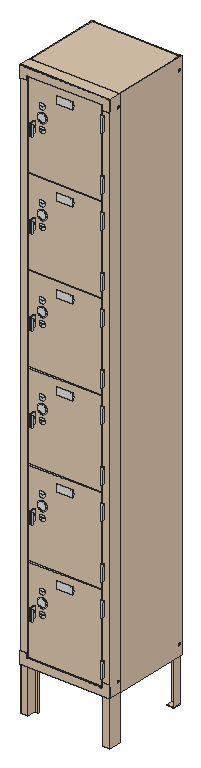
Revit family "Metal_Vented_Lockers-Salsbury_Industries-75000_76000_Series-1_Wide_Units", category Specialty Equipment, Revit 2022
Family settings
  Round Connector Dimension = Use Diameter
  Part Type = Normal
  OmniClass Number = 23.40.00.00
  OmniClass Title = Equipment and Furnishings
  Work Plane-Based = No
  Always vertical = Yes
  Cut with Voids When Loaded = No
  Maintain Annotation Orientation = No
  Shared = No
  Room Calculation Point = No
Parameters (values of type "76162 - with Standard 6" High Legs")
  Zee Base Corner - Right Side [instance] = Metal Locker Zee Base Corner : None
  Zee Base Corner - Left Side [instance] = Metal Locker Zee Base Corner : None
  Zee Base - Right Side [instance] = Metal Locker Zee Base-Right Side : None
  Zee Base - Left Side [instance] = Metal Locker Zee Base-Left Side : None
  Zee Base = Metal Locker Zee Base : None
  Width = 12.040"
  Version = "2.0 (01/30/18)"
  Vent Offset = if(Depth = 12.010", 3.250", if(Depth = 15.010", 3.500", if(Depth = 18.010", 3.750", 0.000")))  # 3.250"
  Vent Configuration Height = Vents : 6 foot high vents
  Vent Array Spacing = 1.187"
  Vent Array 2 = if(Depth = 12.010", 5, if(Depth = 15.010", 7, if(Depth = 18.010", 9, 0)))  # 5
  Vent Array 1 = Vent Array 2 + 1  # 6
  Unit Height including Sloping Hood Only [instance] = 78.625"
  Unit Height = 72.000"
  URL = "www.lockers.com"
  Type Comments = "12\" Wide Vented Metal Locker - Box Style Six Tier"
  Total Door(s) Height [instance] = 69.81949"
  Top Door = yes
  Top Compartment Divider = yes
  Test Data = "https://www.lockers.com/videolibrary/"
  Specification = "https://www.lockers.com/architect-resources//"
  Sloping Top In-Line Filler - Right Side [instance] = Metal Locker Sloping Top Filler : None
  Sloping Top In-Line Filler - Left Side [instance] = Metal Locker Sloping Top Filler : None
  Sloping Top Corner Filler - Right Side [instance] = Metal Locker Sloping Corner Filler : None
  Sloping Top Corner Filler - Left Side [instance] = Metal Locker Sloping Corner Filler : None
  Sloping Hood Height = if(Depth = 12.010", 6.625", if(Depth = 15.010", 8.682", if(Depth = 18.010", 10.739", 0.000")))  # 6.625"
  Sloping Hood [instance] = Metal Locker Sloping Hood : None
  Sales Information = "https://www.lockers.com/request_a_quote/"
  Right Side Base [instance] = Metal Locker Right Side Base : None
  Revision = "R1_2018-10"
  Product Data = "https://www.lockers.com/downloads__catalog/"
  Primary Structure Material [instance] = Steel - Salsbury Finish = Tan
  Overall Width including Rivets [instance] = 12.120"
  Unit Height including Base Only [instance] = 78.000"
  Overall Unit Height (including Base and Sloping Hood) [instance] = 84.625"
  OmniClass 23 Title = "Equipment and Furnishings"
  OmniClass 23 Number = "23.40.00.00"
  Model = "76162"
  MasterFormat Title = "Lockers"
  MasterFormat Number = "10 51 13"
  Manufacturer Website = "https://www.lockers.com/"
  Manufacturer Phone - Toll Free = "1-800-562-5377"
  Manufacturer Phone = "(323) 846-6700"
  Manufacturer Fax = "1-800-562-5399"
  Manufacturer Address = "1010 East 62nd Street, Los Angeles, CA 90001-1598"
  Manufacturer = "Salsbury Industries"
  Left Side Base [instance] = Metal Locker Left Side Base : None
  Keynote = "10 51 00"
  Installation-Fabrication = "https://www.lockers.com/downloads__installation_instructions/"
  Individual Door Height = 11.534"
  Hasp Plate Rivet Material = Steel -Salsbury Finish =  Polished Steel
  Hasp Handle Material = Plastic - Salsbury Finish - Black
  Green Building-LEED = "https://www.arcat.com/green/green_building.shtml"
  Front Vertical Filler - Right [instance] = Metal Locker Front Filler : None
  Front Vertical Filler - Left [instance] = Metal Locker Front Filler : None
  Front Base [instance] = Metal Locker Front Base : None
  Flat Top In-Line Filler - Right Side [instance] = Metal Locker Flat Top Filler : None
  Flat Top In-Line Filler - Left Side [instance] = Metal Locker Flat Top Filler : None
  Flat Top Corner Filler - Right Side [instance] = Metal Locker Flat Corner Filler : None
  Flat Top Corner Filler - Left Side [instance] = Metal Locker Flat Corner Filler : None
  Individual Door Width [instance] = 9.90055"
  End Panel - Right Side [instance] = Metal Locker End Panel : None
  End Panel - Left Side [instance] = Metal Locker End Panel : None
  Drawn By = ""
  Door Location D1 = Vented Metal Locker Doors-12 inch with Latch Hasps : Six Tier Door - 6 foot
  Description = "1 Wide - 6 Feet High - 12 Inches Deep"
  Depth = 12.010"
  Default Elevation = 0.000"
  Copyright = ""
  Construction Details = "https://www.lockers.com/downloads__catalog/"
  Compartment Divider Height = Individual Door Height - 0.375"  # 11.159"
  Category = ""
  Building Codes = "https://www.lockers.com/downloads__forms_and_information/"
  Base Height = 6.000"
  Standard Leg Base = Metal Locker Legs : 6" High - 12" W x 12" D
  Assembly Code = "C1030310"
Reference planes (in)
  plane 1 "Center (Front/Back)": y = 0
  plane 2: z = 0
  plane 3 "Center (Left/Right)": x = 0
  plane 4 "Floor": z = 0
  plane 5 "Bottom of Unit": z = 6
  plane 6 "Top of Unit": z = 78
  plane 7 "Left Side of Unit": x = -6.02
  plane 8 "Right Side of Unit": x = 6.02
  plane 9 "Back of Unit": y = 6.005
  plane 10 "Front of Unit": y = -6.005
  plane 11 "Top of Sloping Hood": z = 84.625
  plane 12 "Left Rivet": x = -6.06
  plane 13 "Right Rivet": x = 6.06
  plane 14 "Right Side of Door Opening": x = 5.02
  plane 15 "Left Side of Door Opening": x = -5.02
  plane 16 "Top of Door Opening": z = 77
  plane 17 "Bottom of Door Opening": z = 7
  plane 18 "Back Edge of Front Facing": y = -4.417
  plane 19 "Front Plate Plane": y = -6.065
  plane 20 "Horizontal Center of Top Rivets": z = 76.5
  plane 21 "Horiz Center of Bottom Rivets": z = 7.5
  plane 22 "Vertical Center of Back Rivets": y = 5.505
  plane 23 "Vertical Center of Front Rivets": y = -4.755
  plane 24 "Right Align Top Filler Overlap": x = 5.435
  plane 25 "Left Align Top Filler Overlap": x = -5.435
  plane 26 "Corner Filler Align-Left": x = -6.08
  plane 27 "Corner Filler Align-Right": x = 6.08
  plane 28 "Left Side of Door": x = -4.95029
  plane 29 "Right Side of Door": x = 4.95026
  plane 30 "Top of Door 1": z = 76.90976
  plane 31 "Bottom of Bottom Door": z = 7.09027
  plane 32 "Zee Base Offset": x = -5.669
  plane 33: x = 5.669
  plane 34 "Compartment Align 3": z = 19.159
  plane 35: x = -5.96
  plane 36: x = 5.96
  plane 37: x = -5.635
  plane 38: x = 5.635
  plane 39: y = 5.945
  plane 40: y = 5.895
  plane 41: y = 5.145
  plane 42: x = -5.9
  plane 43: x = 5.9
  plane 44: x = -5.095
  plane 45: x = 5.095
  plane 46: z = 77.94
  plane 47: z = 19.099
  plane 48: z = 18.159
  plane 49: z = 6.9204
  plane 50: z = 6.18539
  plane 51: z = 76.40796
  plane 52: z = 7.59204
  plane 53: z = 18.159
  plane 54: z = 18.62427
  plane 55: z = 18.74976
  plane 56: z = 30.28376
  plane 57: z = 30.40876
  plane 58: z = 29.78327
  plane 59: z = 30.72327
  plane 60 "Compartment Align 2": z = 30.78327
  plane 61: z = 53.72076
  plane 62: z = 41.94276
  plane 63: z = 42.06776
  plane 64: z = 41.44276
  plane 65: z = 42.38276
  plane 66 "Compartment Align 1": z = 42.44276
  plane 67: z = 71.20625
  plane 68: z = 53.60176
  plane 69: z = 53.72676
  plane 70: z = 65.26076
  plane 71: z = 65.38576
  plane 72: z = 53.10176
  plane 73: z = 54.04176
  plane 74: z = 54.10176
  plane 75: z = 64.76076
  plane 76: z = 65.70076
  plane 77: z = 65.76076
  plane 78: z = 82.86525
  plane 79: z = 94.52425
  plane 80 "Front Vent Align": y = -2.755
  plane 81: y = -2.385
  plane 82: y = -1.791
  plane 83 "Top Vent Align": z = 73.562
  plane 84: z = 72.81
  plane 85: z = 71.97
Forms (in)
  Sweep 1, solid, material "Steel - Salsbury Finish = Tan" <- "Primary Structure Material"
    path origin (0, -6.005, 0) x (1, 0, 0) y (0, 0, 1)
      loop
        line (-6.02, 78) -> (-6.02, 6) -> (6.02, 6) -> (6.02, 78) -> (-6.02, 78)
    profile origin (0, -6.005, 78) x (0, 0, 1) y (0, -1, 0)
      loop
        line (0, 0) -> (-1, 0) -> (-1, -1.588) -> (0, -1.588) -> (0, 0)
  Extrusion 2, solid, material "Steel - Salsbury Finish = Tan" <- "Primary Structure Material"
    sketch origin (0, 0, 6) x (0, -1, 0) y (1, 0, 0)
      loop
        line (4.417, 6.02) -> (-6.005, 6.02) -> (-6.005, 5.635) -> (-5.945, 5.635) -> (-5.945, 5.96) -> (4.417, 5.96) -> (4.417, 6.02)
    from 0 to 72
  Extrusion 3, solid, material "Steel - Salsbury Finish = Tan" <- "Primary Structure Material"
    sketch origin (0, 0, 6) x (0, -1, 0) y (1, 0, 0)
      loop
        line (4.417, -6.02) -> (4.417, -5.96) -> (-5.945, -5.96) -> (-5.945, -5.635) -> (-6.005, -5.635) -> (-6.005, -6.02) -> (4.417, -6.02)
    from 0 to 72
  Extrusion 4, solid, material "Steel - Salsbury Finish = Tan" <- "Primary Structure Material"
    sketch origin (0, 0, 6) x (0, -1, 0) y (1, 0, 0)
      loop
        line (-5.945, -5.96) -> (-5.145, -5.96) -> (-5.145, -5.9) -> (-5.895, -5.9) -> (-5.895, 5.9) -> (-5.145, 5.9) -> (-5.145, 5.96) -> (-5.945, 5.96) -> (-5.945, -5.96)
    from 0 to 72
  Sweep 5, solid, material "Steel - Salsbury Finish = Tan" <- "Primary Structure Material"
    path origin (0, 0, 7) x (0, -1, 0) y (1, 0, 0)
      loop
        line (4.417, -5.96) -> (4.417, 5.96) -> (-5.145, 5.96) -> (-5.145, 5.9) -> (-5.895, 5.9) -> (-5.895, -5.9) -> (-5.145, -5.9) -> (-5.145, -5.96) -> (4.417, -5.96)
    profile origin (-5.96, 0.364, 7) x (-1, 0, 0) y (0, 0, 1)
      loop
        line (0, -0.81461) -> (0, -0.0796) -> (-0.06, -0.0796) -> (-0.06, -0.81461) -> (0, -0.81461)
  Extrusion 6, solid, material "Steel - Salsbury Finish = Tan" <- "Primary Structure Material"
    sketch origin (0, 0, 7) x (0, -1, 0) y (1, 0, 0)
      loop
        line (-5.895, -5.9) -> (-5.145, -5.9) -> (-5.145, -5.96) -> (4.417, -5.96) -> (4.417, 5.96) -> (-5.145, 5.96) -> (-5.145, 5.9) -> (-5.895, 5.9) -> (-5.895, -5.9)
    from -0.0796 to 0
  Extrusion 7, solid, material "Steel - Salsbury Finish = Tan" <- "Primary Structure Material"
    sketch origin (0, 0, 78) x (0, -1, 0) y (1, 0, 0)
      loop
        line (-5.895, -5.9) -> (-5.145, -5.9) -> (-5.145, -5.96) -> (4.417, -5.96) -> (4.417, 5.96) -> (-5.145, 5.96) -> (-5.145, 5.9) -> (-5.895, 5.9) -> (-5.895, -5.9)
    from -0.06 to 0
  Extrusion 8, solid, material "Steel - Salsbury Finish = Tan" <- "Primary Structure Material"
    sketch origin (0, -6.065, 0) x (0, 0, -1) y (1, 0, 0)
      loop
        line (-78, -6.02) -> (-76.47656, -6.02)
        arc (-76.47656, -6.02) -> (-76.42806, -5.99991) -> (-76.40796, -5.9514) r 0.0686
        line (-76.40796, -5.9514) -> (-76.40796, -5.16351)
        arc (-76.40796, -5.16351) -> (-76.42809, -5.11506) -> (-76.47656, -5.095) r 0.0686
        line (-76.47656, -5.095) -> (-77, -5.095) -> (-77, 5.095) -> (-76.47656, 5.095)
        arc (-76.47656, 5.095) -> (-76.42809, 5.11506) -> (-76.40796, 5.16351) r 0.0686
        line (-76.40796, 5.16351) -> (-76.40796, 5.9514)
        arc (-76.40796, 5.9514) -> (-76.42806, 5.99991) -> (-76.47656, 6.02) r 0.0686
        line (-76.47656, 6.02) -> (-78, 6.02) -> (-78, -6.02)
    from -0.06 to 0
  Extrusion 9, solid, material "Steel - Salsbury Finish = Tan" <- "Primary Structure Material"
    sketch origin (0, -6.065, 84) x (0, 0, 1) y (-1, 0, 0)
      loop
        line (-78, 6.02) -> (-78, -6.02) -> (-76.47656, -6.02)
        arc (-76.47656, -6.02) -> (-76.42806, -5.99991) -> (-76.40796, -5.9514) r 0.0686
        line (-76.40796, -5.9514) -> (-76.40796, -5.16351)
        arc (-76.40796, -5.16351) -> (-76.42809, -5.11506) -> (-76.47656, -5.095) r 0.0686
        line (-76.47656, -5.095) -> (-77, -5.095) -> (-77, 5.095) -> (-76.47656, 5.095)
        arc (-76.47656, 5.095) -> (-76.42809, 5.11506) -> (-76.40796, 5.16351) r 0.0686
        line (-76.40796, 5.16351) -> (-76.40796, 5.9514)
        arc (-76.40796, 5.9514) -> (-76.42806, 5.99991) -> (-76.47656, 6.02) r 0.0686
        line (-76.47656, 6.02) -> (-78, 6.02)
    from -0.06 to 0
  Blend 10, solid, material "Steel -Salsbury Finish =  Polished Steel" <- "Hasp Plate Rivet Material"
    base sketch origin (6.02, 0, 0) x (0, 0, -1) y (0, -1, 0)
      loop
        circle (-76.5, 4.755) r 0.187
    top sketch origin (6.02, 0, 0) x (0, 0, -1) y (0, -1, 0)
      loop
        circle (-76.5, 4.755) r 0.05319
    from 0 to -0.04
  Blend 11, solid, material "Steel -Salsbury Finish =  Polished Steel" <- "Hasp Plate Rivet Material"
    base sketch origin (6.02, 0, -69) x (0, 0, -1) y (0, -1, 0)
      loop
        circle (-76.5, 4.755) r 0.187
    top sketch origin (6.02, 0, -69) x (0, 0, -1) y (0, -1, 0)
      loop
        circle (-76.5, 4.755) r 0.05319
    from 0 to -0.04
  Blend 12, solid, material "Steel -Salsbury Finish =  Polished Steel" <- "Hasp Plate Rivet Material"
    base sketch origin (6.02, 10.26, -69) x (0, 0, -1) y (0, -1, 0)
      loop
        circle (-76.5, 4.755) r 0.187
    top sketch origin (6.02, 10.26, -69) x (0, 0, -1) y (0, -1, 0)
      loop
        circle (-76.5, 4.755) r 0.05319
    from 0 to -0.04
  Blend 13, solid, material "Steel -Salsbury Finish =  Polished Steel" <- "Hasp Plate Rivet Material"
    base sketch origin (6.02, 10.26, 0.0043) x (0, 0, -1) y (0, -1, 0)
      loop
        circle (-76.5, 4.755) r 0.187
    top sketch origin (6.02, 10.26, 0.0043) x (0, 0, -1) y (0, -1, 0)
      loop
        circle (-76.5, 4.755) r 0.05319
    from 0 to -0.04
  Blend 14, solid, material "Steel -Salsbury Finish =  Polished Steel" <- "Hasp Plate Rivet Material"
    base sketch origin (-6.02, 0, -69) x (0, 0, -1) y (0, 1, 0)
      loop
        circle (-76.5, -4.755) r 0.187
    top sketch origin (-6.02, 0, -69) x (0, 0, -1) y (0, 1, 0)
      loop
        circle (-76.5, -4.755) r 0.05319
    from 0 to -0.04
  Blend 15, solid, material "Steel -Salsbury Finish =  Polished Steel" <- "Hasp Plate Rivet Material"
    base sketch origin (-6.02, 10.26, -69) x (0, 0, -1) y (0, 1, 0)
      loop
        circle (-76.5, -4.755) r 0.187
    top sketch origin (-6.02, 10.26, -69) x (0, 0, -1) y (0, 1, 0)
      loop
        circle (-76.5, -4.755) r 0.05319
    from 0 to -0.04
  Blend 16, solid, material "Steel -Salsbury Finish =  Polished Steel" <- "Hasp Plate Rivet Material"
    base sketch origin (-6.02, 0, 0) x (0, 0, -1) y (0, 1, 0)
      loop
        circle (-76.5, -4.755) r 0.187
    top sketch origin (-6.02, 0, 0) x (0, 0, -1) y (0, 1, 0)
      loop
        circle (-76.5, -4.755) r 0.05319
    from 0 to -0.04
  Blend 17, solid, material "Steel -Salsbury Finish =  Polished Steel" <- "Hasp Plate Rivet Material"
    base sketch origin (-6.02, 10.26, 0.00039) x (0, 0, -1) y (0, 1, 0)
      loop
        circle (-76.5, -4.755) r 0.187
    top sketch origin (-6.02, 10.26, 0.00039) x (0, 0, -1) y (0, 1, 0)
      loop
        circle (-76.5, -4.755) r 0.05319
    from 0 to -0.04
  Extrusion 18, solid, material "Steel - Salsbury Finish = Tan" <- "Primary Structure Material"
    sketch origin (0, 0, 19.159) x (0, -1, 0) y (1, 0, 0)
      loop
        line (-5.895, -5.9) -> (-5.145, -5.9) -> (-5.145, -5.96) -> (4.417, -5.96) -> (4.417, 5.96) -> (-5.145, 5.96) -> (-5.145, 5.9) -> (-5.895, 5.9) -> (-5.895, -5.9)
    from -0.06 to 0
  Sweep 19, solid, material "Steel - Salsbury Finish = Tan" <- "Primary Structure Material"
    path origin (0, 0, 19.159) x (0, -1, 0) y (1, 0, 0)
      loop
        line (4.417, -5.96) -> (4.417, 5.96) -> (-5.145, 5.96) -> (-5.145, 5.9) -> (-5.895, 5.9) -> (-5.895, -5.9) -> (-5.145, -5.9) -> (-5.145, -5.96) -> (4.417, -5.96)
    profile origin (-5.96, 0.364, 19.159) x (-1, 0, 0) y (0, 0, 1)
      loop
        line (0, -1) -> (0, -0.06) -> (-0.06, -0.06) -> (-0.06, -1) -> (0, -1)
  Extrusion 20, solid, material "Steel - Salsbury Finish = Tan" <- "Primary Structure Material"
    sketch origin (0, 0, 54.72076) x (0, -1, 0) y (1, 0, 0)
      loop
        line (-5.895, -5.9) -> (-5.145, -5.9) -> (-5.145, -5.96) -> (4.417, -5.96) -> (4.417, 5.96) -> (-5.145, 5.96) -> (-5.145, 5.9) -> (-5.895, 5.9) -> (-5.895, -5.9)
    from -23.99749 to -23.93749
  Sweep 21, solid, material "Steel - Salsbury Finish = Tan" <- "Primary Structure Material"
    path origin (0, 0, 30.78327) x (0, -1, 0) y (1, 0, 0)
      loop
        line (4.417, -5.96) -> (4.417, 5.96) -> (-5.145, 5.96) -> (-5.145, 5.9) -> (-5.895, 5.9) -> (-5.895, -5.9) -> (-5.145, -5.9) -> (-5.145, -5.96) -> (4.417, -5.96)
    profile origin (-5.96, 0.364, 30.78327) x (-1, 0, 0) y (0, 0, 1)
      loop
        line (0, -1) -> (0, -0.06) -> (-0.06, -0.06) -> (-0.06, -1) -> (0, -1)
  Extrusion 22, solid, material "Steel - Salsbury Finish = Tan" <- "Primary Structure Material"
    sketch origin (0, 0, 42.44276) x (0, -1, 0) y (1, 0, 0)
      loop
        line (-5.895, -5.9) -> (-5.145, -5.9) -> (-5.145, -5.96) -> (4.417, -5.96) -> (4.417, 5.96) -> (-5.145, 5.96) -> (-5.145, 5.9) -> (-5.895, 5.9) -> (-5.895, -5.9)
    from -0.06 to 0
  Sweep 23, solid, material "Steel - Salsbury Finish = Tan" <- "Primary Structure Material"
    path origin (0, 0, 42.44276) x (0, -1, 0) y (1, 0, 0)
      loop
        line (4.417, -5.96) -> (4.417, 5.96) -> (-5.145, 5.96) -> (-5.145, 5.9) -> (-5.895, 5.9) -> (-5.895, -5.9) -> (-5.145, -5.9) -> (-5.145, -5.96) -> (4.417, -5.96)
    profile origin (-5.96, 0.364, 42.44276) x (-1, 0, 0) y (0, 0, 1)
      loop
        line (0, -1) -> (0, -0.06) -> (-0.06, -0.06) -> (-0.06, -1) -> (0, -1)
  Extrusion 24, solid, material "Steel - Salsbury Finish = Tan" <- "Primary Structure Material"
    sketch origin (0, 0, 54.10176) x (0, -1, 0) y (1, 0, 0)
      loop
        line (-5.895, -5.9) -> (-5.145, -5.9) -> (-5.145, -5.96) -> (4.417, -5.96) -> (4.417, 5.96) -> (-5.145, 5.96) -> (-5.145, 5.9) -> (-5.895, 5.9) -> (-5.895, -5.9)
    from -0.06 to 0
  Sweep 25, solid, material "Steel - Salsbury Finish = Tan" <- "Primary Structure Material"
    path origin (0, 0, 54.10176) x (0, -1, 0) y (1, 0, 0)
      loop
        line (4.417, -5.96) -> (4.417, 5.96) -> (-5.145, 5.96) -> (-5.145, 5.9) -> (-5.895, 5.9) -> (-5.895, -5.9) -> (-5.145, -5.9) -> (-5.145, -5.96) -> (4.417, -5.96)
    profile origin (-5.96, 0.364, 54.10176) x (-1, 0, 0) y (0, 0, 1)
      loop
        line (0, -1) -> (0, -0.06) -> (-0.06, -0.06) -> (-0.06, -1) -> (0, -1)
  Extrusion 26, solid, material "Steel - Salsbury Finish = Tan" <- "Primary Structure Material", visible <- "Top Compartment Divider"
    sketch origin (0, 0, 65.76076) x (0, -1, 0) y (1, 0, 0)
      loop
        line (-5.895, -5.9) -> (-5.145, -5.9) -> (-5.145, -5.96) -> (4.417, -5.96) -> (4.417, 5.96) -> (-5.145, 5.96) -> (-5.145, 5.9) -> (-5.895, 5.9) -> (-5.895, -5.9)
    from -0.06 to 0
  Sweep 27, solid, material "Steel - Salsbury Finish = Tan" <- "Primary Structure Material", visible <- "Top Compartment Divider"
    path origin (0, 0, 65.76076) x (0, -1, 0) y (1, 0, 0)
      loop
        line (4.417, -5.96) -> (4.417, 5.96) -> (-5.145, 5.96) -> (-5.145, 5.9) -> (-5.895, 5.9) -> (-5.895, -5.9) -> (-5.145, -5.9) -> (-5.145, -5.96) -> (4.417, -5.96)
    profile origin (-5.96, 0.364, 65.76076) x (-1, 0, 0) y (0, 0, 1)
      loop
        line (0, -1) -> (0, -0.06) -> (-0.06, -0.06) -> (-0.06, -1) -> (0, -1)
Lines and regions (in)
  reference lines
    curve 1: line (-29.59242, -6.065, 78) -> (36.15758, -6.065, 78)
  symbolic lines
    curve 2: line (-6.02, 6.005, 78) -> (6.02, 6.005, 78)
    curve 3: line (-6.02, -6.065, 78) -> (-6.02, 6.005, 78)
    curve 4: line (6.02, -6.065, 78) -> (-6.02, -6.065, 78)
    curve 5: line (6.02, 6.005, 78) -> (6.02, -6.065, 78)
    curve 6: line (-6.06, -4.80819, 78) -> (-6.02, -4.91809, 78)
    curve 7: line (-6.02, -4.58043, 78) -> (-6.06, -4.70181, 78)
    curve 8: line (-6.06, -4.80819, 78) -> (-6.06, -4.70181, 78)
    curve 9: line (-6.06, 5.45181, 78) -> (-6.02, 5.31077, 78)
    curve 10: line (-6.06, 5.55819, 78) -> (-6.02, 5.68474, 78)
    curve 11: line (-6.06, 5.55819, 78) -> (-6.06, 5.45181, 78)
    curve 12: line (6.06, 5.55819, 78) -> (6.02, 5.70747, 78)
    curve 13: line (6.06, 5.45181, 78) -> (6.02, 5.3179, 78)
    curve 14: line (6.06, 5.55819, 78) -> (6.06, 5.45181, 78)
    curve 15: line (6.06, -4.70181, 78) -> (6.02, -4.57098, 78)
    curve 16: line (6.06, -4.80819, 78) -> (6.02, -4.94769, 78)
    curve 17: line (6.06, -4.70181, 78) -> (6.06, -4.80819, 78)
Dimensions and locks (in)
  equal spacing: plane 7 "Left Side of Unit", plane 3 "Center (Left/Right)", plane 8 "Right Side of Unit"
  "Width": plane 7 "Left Side of Unit" to plane 8 "Right Side of Unit"
  "Base Height": plane 5 "Bottom of Unit" to plane 4 "Floor"
  "Unit Height": plane 6 "Top of Unit" to plane 5 "Bottom of Unit"
  "Unit Height including Base Only": plane 6 "Top of Unit" to plane 4 "Floor"
  equal spacing: plane 10 "Front of Unit", plane 1 "Center (Front/Back)", plane 9 "Back of Unit"
  "Depth": plane 10 "Front of Unit" to plane 9 "Back of Unit"
  "Sloping Hood Height": plane 11 "Top of Sloping Hood" to plane 6 "Top of Unit"
  "Overall Unit Height (including Base and Sloping Hood)": plane 11 "Top of Sloping Hood" to plane 4 "Floor"
  locked: plane 12 "Left Rivet" to plane 7 "Left Side of Unit" at 0.04
  locked: plane 8 "Right Side of Unit" to plane 13 "Right Rivet" at 0.04
  "Overall Width including Rivets": plane 12 "Left Rivet" to plane 13 "Right Rivet"
  plane 6 "Top of Unit" to plane 16 "Top of Door Opening" to plane 30 "Top of Door 1" to plane 51 = 1.000" locked, 0.09024", 0.5018"
  plane 52 to plane 31 "Bottom of Bottom Door" to plane 17 "Bottom of Door Opening" to plane 5 "Bottom of Unit" = 0.50177", 0.09027", 1.000" locked
  plane 7 "Left Side of Unit" to plane 15 "Left Side of Door Opening" to plane 28 "Left Side of Door" = 1.000" locked, 0.06971"
  plane 29 "Right Side of Door" to plane 14 "Right Side of Door Opening" to plane 8 "Right Side of Unit" = 0.06974", 1.000" locked
  plane 19 "Front Plate Plane" to plane 10 "Front of Unit" to plane 18 "Back Edge of Front Facing" = 0.060" locked, 1.588" locked
  "Unit Height including Sloping Hood Only": plane 11 "Top of Sloping Hood" to plane 5 "Bottom of Unit"
  locked: plane 20 "Horizontal Center of Top Rivets" to plane 6 "Top of Unit" at 1.5
  locked: plane 5 "Bottom of Unit" to plane 21 "Horiz Center of Bottom Rivets" at 1.5
  locked: plane 22 "Vertical Center of Back Rivets" to plane 9 "Back of Unit" at 0.5
  locked: plane 10 "Front of Unit" to plane 23 "Vertical Center of Front Rivets" at 1.25
  locked: plane 24 "Right Align Top Filler Overlap" to plane 13 "Right Rivet" at 0.625
  locked: plane 12 "Left Rivet" to plane 25 "Left Align Top Filler Overlap" at 0.625
  locked: plane 8 "Right Side of Unit" to plane 27 "Corner Filler Align-Right" at 0.06
  locked: plane 26 "Corner Filler Align-Left" to plane 7 "Left Side of Unit" at 0.06
  "Individual Door Width": plane 28 "Left Side of Door" to plane 29 "Right Side of Door"
  "Total Door(s) Height": plane 30 "Top of Door 1" to plane 31 "Bottom of Bottom Door"
  plane 7 "Left Side of Unit" to plane 32 "Zee Base Offset" = 0.351"
  plane 33 to plane 8 "Right Side of Unit" = 0.351"
  plane 34 "Compartment Align 3" to plane 47 to plane 53 = 0.060" locked, 0.940" locked
  plane 7 "Left Side of Unit" to plane 35 to plane 42 to plane 37 = 0.060" locked, 0.060" locked, 0.265" locked
  plane 38 to plane 43 to plane 36 to plane 8 "Right Side of Unit" = 0.265" locked, 0.060", 0.060"
  plane 41 to plane 40 to plane 39 to plane 9 "Back of Unit" = 0.750" locked, 0.050", 0.060"
  locked: plane 7 "Left Side of Unit" to plane 44 at 0.925
  locked: plane 45 to plane 8 "Right Side of Unit" at 0.925
  locked: plane 6 "Top of Unit" to plane 46 at 0.06
  plane 47 to plane 48 = 0.940"
  locked: plane 17 "Bottom of Door Opening" to plane 49 at 0.0796
  plane 49 to plane 50 = 0.73501"
  "Compartment Divider Height": plane 53 to plane 17 "Bottom of Door Opening"
  "Individual Door Height": plane 54 to plane 31 "Bottom of Bottom Door"
  locked: plane 55 to plane 54 at 0.12549
  locked: plane 57 to plane 56 at 0.125
  "Individual Door Height": plane 56 to plane 55
  plane 60 "Compartment Align 2" to plane 59 to plane 58 = 0.060" locked, 0.940" locked
  locked: plane 63 to plane 62 at 0.125
  "Individual Door Height": plane 62 to plane 57
  "Compartment Divider Height": plane 58 to plane 54
  "Compartment Divider Height": plane 64 to plane 56
  plane 66 "Compartment Align 1" to plane 65 to plane 64 = 0.060", 0.940"
  locked: plane 69 to plane 68 at 0.125
  locked: plane 71 to plane 70 at 0.125
  "Individual Door Height": plane 68 to plane 63
  "Individual Door Height": plane 70 to plane 69
  "Compartment Divider Height": plane 72 to plane 62
  "Compartment Divider Height": plane 75 to plane 68
  plane 74 to plane 73 to plane 72 = 0.060" locked, 0.940" locked
  plane 77 to plane 76 to plane 75 = 0.060" locked, 0.940" locked
  "Vent Offset": plane 10 "Front of Unit" to plane 80 "Front Vent Align"
  plane 83 "Top Vent Align" to plane 6 "Top of Unit" = 4.438"
  plane 85 to plane 84 to plane 83 "Top Vent Align" = 0.840", 0.752"
  plane 80 "Front Vent Align" to plane 81 to plane 82 = 0.370" locked, 0.594" locked
  equal spacing: group 1, group 2, group 3, group 4, group 5, group 6  (x3)
  equal spacing: group 7, group 8, group 9, group 10, group 11  (x3)
  "Vent Array Spacing": nested 29 to nested 31
  "Vent Array Spacing": nested 30 to nested 36
  equal spacing: group 12, group 13, group 14, group 15, group 16, group 22  (x3)
  equal spacing: group 17, group 18, group 19, group 20, group 21  (x3)
  "Vent Array Spacing": nested 42 to nested 40
  "Vent Array Spacing": nested 46 to nested 41
  aligned and locked: level to plane 2
  aligned and locked: Extrusion 2 to plane 6 "Top of Unit"
  aligned and locked: Extrusion 3 to plane 6 "Top of Unit"
  aligned and locked: Extrusion 4 to plane 6 "Top of Unit"
  aligned and locked: Extrusion 8 to plane 10 "Front of Unit"
  aligned and locked: Extrusion 9 to plane 10 "Front of Unit"
  aligned and locked: Extrusion 6 to plane 17 "Bottom of Door Opening"
  aligned and locked: plane 4 "Floor" to nested 2
  aligned and locked: plane 5 "Bottom of Unit" to Extrusion 9
  aligned and locked: plane 8 "Right Side of Unit" to nested 6
  aligned and locked: plane 7 "Left Side of Unit" to nested 7
  aligned and locked: Blend 10 to plane 13 "Right Rivet"
  aligned and locked: plane 8 "Right Side of Unit" to Blend 10
  aligned and locked: Blend 15 to plane 7 "Left Side of Unit"
  aligned and locked: Blend 14 to plane 7 "Left Side of Unit"  (x2)
  aligned and locked: plane 12 "Left Rivet" to Blend 14
  aligned and locked: plane 12 "Left Rivet" to Blend 15
  aligned and locked: Blend 14 to plane 12 "Left Rivet"
  aligned and locked: Blend 17 to plane 7 "Left Side of Unit"
  aligned and locked: plane 12 "Left Rivet" to Blend 17
  aligned and locked: Blend 16 to plane 7 "Left Side of Unit"
  aligned and locked: plane 12 "Left Rivet" to Blend 16
  aligned and locked: plane 5 "Bottom of Unit" to nested 10
  aligned and locked: plane 13 "Right Rivet" to nested 10
  aligned and locked: plane 12 "Left Rivet" to nested 11
  aligned and locked: nested 11 to plane 10 "Front of Unit"
  aligned and locked: plane 13 "Right Rivet" to nested 12
  aligned and locked: plane 10 "Front of Unit" to nested 12
  aligned and locked: plane 6 "Top of Unit" to nested 12
  aligned and locked: plane 12 "Left Rivet" to nested 13
  aligned and locked: plane 10 "Front of Unit" to nested 13
  aligned and locked: plane 6 "Top of Unit" to nested 13
  aligned and locked: plane 6 "Top of Unit" to nested 14
  aligned and locked: nested 14 to plane 19 "Front Plate Plane"
  aligned and locked: nested 14 to plane 24 "Right Align Top Filler Overlap"
  aligned and locked: nested 15 to plane 25 "Left Align Top Filler Overlap"
  aligned and locked: nested 15 to plane 19 "Front Plate Plane"
  aligned and locked: nested 10 to nested 15
  aligned and locked: plane 19 "Front Plate Plane" to nested 16
  aligned and locked: plane 6 "Top of Unit" to nested 16
  aligned and locked: nested 17 to plane 6 "Top of Unit"
  aligned and locked: nested 17 to plane 19 "Front Plate Plane"
  aligned and locked: plane 19 "Front Plate Plane" to nested 18
  aligned and locked: nested 19 to plane 24 "Right Align Top Filler Overlap"
  aligned and locked: nested 19 to plane 19 "Front Plate Plane"
  aligned and locked: plane 16 "Top of Door Opening" to nested 19
  aligned and locked: nested 20 to plane 16 "Top of Door Opening"
  aligned and locked: nested 20 to plane 25 "Left Align Top Filler Overlap"
  aligned and locked: nested 20 to plane 19 "Front Plate Plane"
  aligned and locked: nested 11 to plane 6 "Top of Unit"
  aligned and locked: plane 10 "Front of Unit" to nested 10
  aligned and locked: plane 10 "Front of Unit" to nested 23
  aligned and locked: plane 10 "Front of Unit" to nested 1
  aligned and locked: plane 10 "Front of Unit" to nested 2
  aligned and locked: plane 6 "Top of Unit" to nested 18
  aligned and locked: plane 7 "Left Side of Unit" to nested 17
  aligned and locked: plane 32 "Zee Base Offset" to nested 9
  aligned and locked: plane 18 "Back Edge of Front Facing" to nested 9
  aligned and locked: nested 8 to plane 18 "Back Edge of Front Facing"
  aligned and locked: plane 33 to nested 8
  aligned and locked: plane 8 "Right Side of Unit" to nested 21
  aligned and locked: nested 22 to plane 7 "Left Side of Unit"
  aligned and locked: nested 22 to curve 1
  aligned and locked: nested 21 to curve 1
  aligned and locked: Sweep 19 sketch curve to Extrusion 18
  aligned and locked: plane 7 "Left Side of Unit" to Extrusion 3
  aligned and locked: Extrusion 3 to plane 9 "Back of Unit"
  aligned and locked: Extrusion 2 to plane 8 "Right Side of Unit"
  aligned and locked: Extrusion 2 to plane 9 "Back of Unit"
  aligned and locked: plane 18 "Back Edge of Front Facing" to Extrusion 3
  aligned and locked: plane 18 "Back Edge of Front Facing" to Extrusion 2
  aligned and locked: plane 35 to Extrusion 3
  aligned and locked: plane 36 to Extrusion 2
  aligned and locked: plane 37 to Extrusion 3
  aligned and locked: plane 38 to Extrusion 2
  aligned and locked: plane 39 to Extrusion 3
  aligned and locked: plane 39 to Extrusion 2
  aligned and locked: Extrusion 4 to plane 39
  aligned and locked: plane 40 to Extrusion 4
  aligned and locked: plane 35 to Extrusion 4
  aligned and locked: plane 41 to Extrusion 4  (x2)
  aligned and locked: plane 42 to Extrusion 4
  aligned and locked: plane 43 to Extrusion 4
  aligned and locked: Extrusion 7 to plane 40
  aligned and locked: plane 42 to Extrusion 7
  aligned and locked: plane 35 to Extrusion 7  (x2)
  aligned and locked: Extrusion 7 to plane 41  (x2)
  aligned and locked: Extrusion 7 to plane 43
  aligned and locked: Extrusion 7 to plane 36  (x2)
  aligned and locked: plane 18 "Back Edge of Front Facing" to Extrusion 7
  aligned and locked: plane 18 "Back Edge of Front Facing" to Extrusion 6
  aligned and locked: Extrusion 6 to plane 40
  aligned and locked: Extrusion 6 to plane 43
  aligned and locked: Extrusion 6 to plane 41  (x2)
  aligned and locked: Extrusion 6 to plane 36
  aligned and locked: plane 42 to Extrusion 6
  aligned and locked: plane 35 to Extrusion 6
  aligned and locked: Sweep 5 to plane 40
  aligned and locked: Sweep 5 to plane 41  (x2)
  aligned and locked: Sweep 5 to plane 43
  aligned and locked: Sweep 5 to plane 36
  aligned and locked: plane 18 "Back Edge of Front Facing" to Sweep 5
  aligned and locked: plane 35 to Sweep 5
  aligned and locked: plane 42 to Sweep 5
  aligned and locked: Sweep 5 sketch curve to plane 42
  aligned and locked: plane 40 to Sweep 5 sketch curve
  aligned and locked: plane 41 to Sweep 5 sketch curve  (x2)
  aligned and locked: Sweep 5 sketch curve to plane 35  (x2)
  aligned and locked: plane 43 to Sweep 5 sketch curve
  aligned and locked: plane 36 to Sweep 5 sketch curve
  aligned and locked: Sweep 5 sketch curve to plane 18 "Back Edge of Front Facing"
  aligned and locked: Extrusion 18 to plane 40
  aligned and locked: Extrusion 18 to plane 43
  aligned and locked: Extrusion 18 to plane 41  (x2)
  aligned and locked: Extrusion 18 to plane 36
  aligned and locked: plane 18 "Back Edge of Front Facing" to Extrusion 18
  aligned and locked: plane 35 to Extrusion 18
  aligned and locked: plane 42 to Extrusion 18
  aligned and locked: plane 40 to Sweep 19 sketch curve
  aligned and locked: plane 43 to Sweep 19 sketch curve
  aligned and locked: plane 41 to Sweep 19 sketch curve  (x2)
  aligned and locked: plane 36 to Sweep 19 sketch curve
  aligned and locked: Sweep 19 sketch curve to plane 18 "Back Edge of Front Facing"
  aligned and locked: Sweep 19 sketch curve to plane 35  (x2)
  aligned and locked: Sweep 19 sketch curve to plane 42
  aligned and locked: plane 6 "Top of Unit" to Sweep 1 sketch curve  (x2)
  aligned and locked: Sweep 1 sketch curve to plane 7 "Left Side of Unit"
  aligned and locked: plane 8 "Right Side of Unit" to Sweep 1 sketch curve
  aligned and locked: Sweep 1 sketch curve to plane 5 "Bottom of Unit"
  aligned and locked: plane 10 "Front of Unit" to Sweep 1
  aligned and locked: Extrusion 8 to plane 19 "Front Plate Plane"
  aligned and locked: plane 10 "Front of Unit" to Extrusion 8
  aligned and locked: Extrusion 8 to plane 8 "Right Side of Unit"
  aligned and locked: plane 7 "Left Side of Unit" to Extrusion 8
  aligned and locked: plane 7 "Left Side of Unit" to Extrusion 9
  aligned and locked: plane 19 "Front Plate Plane" to Extrusion 9
  aligned and locked: Extrusion 9 to plane 8 "Right Side of Unit"
  aligned and locked: plane 44 to Extrusion 9
  aligned and locked: plane 45 to Extrusion 9
  aligned and locked: plane 45 to Extrusion 8
  aligned and locked: Extrusion 8 to plane 44
  aligned and locked: plane 29 "Right Side of Door" to nested 23
  aligned and locked: plane 18 "Back Edge of Front Facing" to Sweep 1 sketch curve
  aligned and locked: Sweep 1 sketch curve to plane 16 "Top of Door Opening"
  aligned and locked: Sweep 1 sketch curve to plane 10 "Front of Unit"
  aligned and locked: plane 5 "Bottom of Unit" to Extrusion 4
  aligned and locked: Extrusion 4 to plane 36
  aligned and locked: plane 5 "Bottom of Unit" to Extrusion 3
  aligned and locked: plane 5 "Bottom of Unit" to Extrusion 2
  aligned and locked: Extrusion 7 to plane 6 "Top of Unit"
  aligned and locked: plane 46 to Extrusion 7
  aligned and locked: Extrusion 18 to plane 34 "Compartment Align 3"
  aligned and locked: plane 47 to Extrusion 18
  aligned and locked: plane 42 to Sweep 19 sketch curve
  aligned and locked: plane 48 to Sweep 19 sketch curve
  aligned and locked: plane 49 to Extrusion 6
  aligned and locked: Sweep 5 to plane 49
  aligned and locked: plane 50 to Sweep 5 sketch curve
  aligned and locked: plane 49 to Sweep 5 sketch curve
  aligned and locked: plane 42 to Sweep 5 sketch curve
  aligned and locked: plane 51 to Extrusion 8  (x2)
  aligned and locked: Extrusion 8 to plane 6 "Top of Unit"
  aligned and locked: plane 16 "Top of Door Opening" to Extrusion 8
  aligned and locked: Extrusion 9 to plane 17 "Bottom of Door Opening"
  aligned and locked: plane 52 to Extrusion 9
  aligned and locked: Extrusion 9 to plane 52
  aligned and locked: plane 4 "Floor" to nested 1
  aligned and locked: plane 8 "Right Side of Unit" to nested 1
  aligned and locked: Blend 12 to plane 13 "Right Rivet"
  aligned and locked: plane 8 "Right Side of Unit" to Blend 12
  aligned and locked: plane 8 "Right Side of Unit" to Blend 13
  aligned and locked: Blend 13 to plane 13 "Right Rivet"
  aligned and locked: plane 8 "Right Side of Unit" to Blend 11
  aligned and locked: Blend 11 to plane 13 "Right Rivet"
  aligned and locked: nested 22 to curve 3
  aligned and locked: curve 4 to Extrusion 8
  aligned and locked: curve 5 to Extrusion 8
  aligned and locked: curve 8 to Blend 14
  aligned and locked: curve 11 to Blend 15
  aligned and locked: curve 14 to Blend 12
  aligned and locked: curve 17 to Blend 10
  aligned and locked: plane 53 to Sweep 19
  aligned and locked: nested 23 to plane 31 "Bottom of Bottom Door"
  aligned and locked: plane 55 to nested 24
  aligned and locked: plane 10 "Front of Unit" to nested 24
  aligned and locked: plane 29 "Right Side of Door" to nested 24
  aligned and locked: plane 29 "Right Side of Door" to nested 25
  aligned and locked: nested 25 to plane 57
  aligned and locked: Sweep 21 sketch curve to Extrusion 20
  aligned and locked: Extrusion 20 to plane 60 "Compartment Align 2"
  aligned and locked: plane 59 to Sweep 21
  aligned and locked: Sweep 21 sketch curve to plane 58
  aligned and locked: Extrusion 20 sketch curve to plane 40
  aligned and locked: plane 35 to Extrusion 20 sketch curve
  aligned and locked: plane 42 to Extrusion 20 sketch curve
  aligned and locked: Extrusion 20 sketch curve to plane 41  (x2)
  aligned and locked: plane 18 "Back Edge of Front Facing" to Extrusion 20 sketch curve
  aligned and locked: Extrusion 20 sketch curve to plane 36
  aligned and locked: Extrusion 20 sketch curve to plane 43
  aligned and locked: plane 40 to Sweep 21 sketch curve
  aligned and locked: Sweep 21 sketch curve to plane 42
  aligned and locked: Sweep 21 sketch curve to plane 35
  aligned and locked: plane 41 to Sweep 21 sketch curve  (x2)
  aligned and locked: Sweep 21 sketch curve to plane 18 "Back Edge of Front Facing"
  aligned and locked: plane 36 to Sweep 21 sketch curve
  aligned and locked: plane 43 to Sweep 21 sketch curve
  aligned and locked: plane 63 to nested 26
  aligned and locked: plane 65 to Extrusion 22
  aligned and locked: Extrusion 22 to plane 66 "Compartment Align 1"
  aligned and locked: Sweep 23 sketch curve to plane 64
  aligned and locked: plane 65 to Sweep 23 sketch curve
  aligned and locked: Sweep 23 sketch curve to plane 35
  aligned and locked: plane 41 to Sweep 23 sketch curve  (x2)
  aligned and locked: Sweep 23 sketch curve to plane 42
  aligned and locked: plane 40 to Sweep 23 sketch curve
  aligned and locked: plane 43 to Sweep 23 sketch curve
  aligned and locked: plane 36 to Sweep 23 sketch curve
  aligned and locked: Sweep 23 sketch curve to plane 18 "Back Edge of Front Facing"
  aligned and locked: Extrusion 22 to nested 5  (x3)
  aligned and locked: Extrusion 22 to plane 41  (x2)
  aligned and locked: Extrusion 22 to Sweep 23  (x2)
  aligned and locked: plane 18 "Back Edge of Front Facing" to Extrusion 22
  aligned and locked: plane 29 "Right Side of Door" to nested 26
  aligned and locked: plane 10 "Front of Unit" to nested 26
  aligned and locked: plane 10 "Front of Unit" to nested 25
  aligned and locked: nested 27 to plane 69
  aligned and locked: nested 28 to plane 71
  aligned and locked: plane 29 "Right Side of Door" to nested 27
  aligned and locked: plane 29 "Right Side of Door" to nested 28
  aligned and locked: plane 10 "Front of Unit" to nested 28
  aligned and locked: plane 10 "Front of Unit" to nested 27
  aligned and locked: Extrusion 24 to Sweep 25  (x2)
  aligned and locked: Extrusion 26 to Sweep 27  (x3)
  aligned and locked: Extrusion 24 to plane 74
  aligned and locked: plane 73 to Extrusion 24
  aligned and locked: Extrusion 26 to plane 77
  aligned and locked: plane 76 to Extrusion 26
  aligned and locked: plane 76 to Sweep 27 sketch curve
  aligned and locked: Sweep 27 sketch curve to plane 75
  aligned and locked: plane 73 to Sweep 25 sketch curve
  aligned and locked: Sweep 25 sketch curve to plane 72
  aligned and locked: Extrusion 24 sketch curve to plane 40
  aligned and locked: plane 42 to Extrusion 24 sketch curve
  aligned and locked: Extrusion 24 sketch curve to plane 41  (x2)
  aligned and locked: plane 35 to Extrusion 24 sketch curve
  aligned and locked: plane 18 "Back Edge of Front Facing" to Extrusion 24 sketch curve
  aligned and locked: Extrusion 24 sketch curve to plane 36
  aligned and locked: Extrusion 24 sketch curve to plane 43
  aligned and locked: plane 40 to Sweep 25 sketch curve
  aligned and locked: Sweep 25 sketch curve to plane 35
  aligned and locked: plane 41 to Sweep 25 sketch curve  (x2)
  aligned and locked: Sweep 25 sketch curve to plane 42
  aligned and locked: Sweep 25 sketch curve to plane 18 "Back Edge of Front Facing"
  aligned and locked: plane 36 to Sweep 25 sketch curve
  aligned and locked: plane 43 to Sweep 25 sketch curve
  aligned and locked: Extrusion 26 sketch curve to plane 40
  aligned and locked: plane 42 to Extrusion 26 sketch curve
  aligned and locked: Extrusion 26 sketch curve to plane 41  (x2)
  aligned and locked: plane 35 to Extrusion 26 sketch curve
  aligned and locked: plane 18 "Back Edge of Front Facing" to Extrusion 26 sketch curve
  aligned and locked: Extrusion 26 sketch curve to plane 36
  aligned and locked: Extrusion 26 sketch curve to plane 43
  aligned and locked: plane 40 to Sweep 27 sketch curve
  aligned and locked: Sweep 27 sketch curve to plane 42
  aligned and locked: plane 41 to Sweep 27 sketch curve  (x2)
  aligned and locked: Sweep 27 sketch curve to plane 35
  aligned and locked: Sweep 27 sketch curve to plane 18 "Back Edge of Front Facing"
  aligned and locked: plane 36 to Sweep 27 sketch curve
  aligned and locked: plane 43 to Sweep 27 sketch curve
  aligned and locked: plane 9 "Back of Unit" to curve 2
  aligned and locked: nested 29 to plane 8 "Right Side of Unit"
  aligned and locked: nested 30 to plane 8 "Right Side of Unit"
  aligned and locked: nested 29 to plane 81
  aligned and locked: plane 85 to nested 29
  aligned and locked: nested 30 to plane 82
  aligned and locked: plane 84 to nested 30
  aligned and locked: nested 39 to plane 8 "Right Side of Unit"
  aligned and locked: nested 35 to plane 8 "Right Side of Unit"
  aligned and locked: plane 84 to nested 39
  aligned and locked: plane 85 to nested 35
  aligned and locked: nested 41 to plane 7 "Left Side of Unit"
  aligned and locked: nested 40 to plane 7 "Left Side of Unit"
  aligned and locked: plane 81 to nested 40
  aligned and locked: nested 40 to plane 85
  aligned and locked: plane 82 to nested 41
  aligned and locked: nested 41 to plane 84
  aligned and locked: nested 49 to plane 7 "Left Side of Unit"
  aligned and locked: nested 49 to plane 84
  aligned and locked: nested 50 to plane 85
Automatic sketch dimensions
  Extrusion 2 sketch curve to plane 8 "Right Side of Unit" = 0.000"
  plane 9 "Back of Unit" to Extrusion 2 sketch curve = 0.000"
  Extrusion 2 sketch curve to plane 38 = 0.000"
  plane 39 to Extrusion 2 sketch curve = 0.000"
  plane 18 "Back Edge of Front Facing" to Extrusion 2 sketch curve = 0.000"
  Extrusion 2 sketch curve to plane 36 = 0.000"
  Extrusion 3 sketch curve to plane 7 "Left Side of Unit" = 0.000"
  plane 9 "Back of Unit" to Extrusion 3 sketch curve = 0.000"
  Extrusion 3 sketch curve to plane 37 = 0.000"
  plane 39 to Extrusion 3 sketch curve = 0.000"
  plane 18 "Back Edge of Front Facing" to Extrusion 3 sketch curve = 0.000"
  Extrusion 3 sketch curve to plane 35 = 0.000"
  Extrusion 4 sketch curve to plane 35 = 0.000"
  plane 39 to Extrusion 4 sketch curve = 0.000"
  plane 40 to Extrusion 4 sketch curve = 0.000"
  plane 41 to Extrusion 4 sketch curve = 0.000"  (x2)
  Extrusion 4 sketch curve to plane 42 = 0.000"
  Extrusion 4 sketch curve to plane 43 = 0.000"
  Extrusion 4 sketch curve to plane 36 = 0.000"
  plane 40 to Extrusion 6 sketch curve = 0.000"
  Extrusion 6 sketch curve to plane 35 = 0.000"
  plane 41 to Extrusion 6 sketch curve = 0.000"  (x2)
  plane 18 "Back Edge of Front Facing" to Extrusion 6 sketch curve = 0.000"
  Extrusion 6 sketch curve to plane 42 = 0.000"
  Extrusion 6 sketch curve to plane 43 = 0.000"
  Extrusion 6 sketch curve to plane 36 = 0.000"
  plane 40 to Extrusion 7 sketch curve = 0.000"
  Extrusion 7 sketch curve to plane 35 = 0.000"
  plane 41 to Extrusion 7 sketch curve = 0.000"  (x2)
  plane 18 "Back Edge of Front Facing" to Extrusion 7 sketch curve = 0.000"
  Extrusion 7 sketch curve to plane 42 = 0.000"
  Extrusion 7 sketch curve to plane 43 = 0.000"
  Extrusion 7 sketch curve to plane 36 = 0.000"
  Extrusion 8 sketch curve to plane 6 "Top of Unit" = 0.000"
  Extrusion 8 sketch curve to plane 16 "Top of Door Opening" = 0.000"
  plane 44 to Extrusion 8 sketch curve = 0.000"
  plane 7 "Left Side of Unit" to Extrusion 8 sketch curve = 0.000"
  plane 45 to Extrusion 8 sketch curve = 0.000"
  plane 8 "Right Side of Unit" to Extrusion 8 sketch curve = 0.000"
  Extrusion 8 sketch curve to plane 51 = 0.000"  (x2)
  plane 20 "Horizontal Center of Top Rivets" to Extrusion 8 sketch curve = 0.02344"  (x4)
  Extrusion 8 sketch curve to Extrusion 8 sketch curve = 0.0686"
  Extrusion 8 sketch curve to plane 45 = 0.06851"
  Extrusion 9 sketch curve to plane 5 "Bottom of Unit" = 0.000"
  Extrusion 9 sketch curve to plane 17 "Bottom of Door Opening" = 0.000"
  plane 44 to Extrusion 9 sketch curve = 0.000"
  plane 7 "Left Side of Unit" to Extrusion 9 sketch curve = 0.000"
  plane 45 to Extrusion 9 sketch curve = 0.000"
  plane 8 "Right Side of Unit" to Extrusion 9 sketch curve = 0.000"
  Extrusion 9 sketch curve to plane 52 = 0.000"  (x2)
  plane 21 "Horiz Center of Bottom Rivets" to Extrusion 9 sketch curve = 0.02344"  (x4)
  Extrusion 9 sketch curve to Extrusion 9 sketch curve = 0.0686"
  plane 45 to Extrusion 9 sketch curve = 0.06851"
  plane 20 "Horizontal Center of Top Rivets" to Blend 10 sketch curve = 0.000"  (x2)
  Blend 10 sketch curve to plane 23 "Vertical Center of Front Rivets" = 0.000"  (x2)
  plane 21 "Horiz Center of Bottom Rivets" to Blend 11 sketch curve = 0.000"  (x2)
  Blend 11 sketch curve to plane 23 "Vertical Center of Front Rivets" = 0.000"  (x2)
  plane 21 "Horiz Center of Bottom Rivets" to Blend 12 sketch curve = 0.000"  (x2)
  Blend 12 sketch curve to plane 22 "Vertical Center of Back Rivets" = 0.000"  (x2)
  Blend 13 sketch curve to plane 22 "Vertical Center of Back Rivets" = 0.000"  (x2)
  Blend 13 sketch curve to plane 20 "Horizontal Center of Top Rivets" = 0.0043"  (x2)
  plane 21 "Horiz Center of Bottom Rivets" to Blend 14 sketch curve = 0.000"  (x2)
  Blend 14 sketch curve to plane 23 "Vertical Center of Front Rivets" = 0.000"  (x2)
  plane 21 "Horiz Center of Bottom Rivets" to Blend 15 sketch curve = 0.000"  (x2)
  Blend 15 sketch curve to plane 22 "Vertical Center of Back Rivets" = 0.000"  (x2)
  plane 20 "Horizontal Center of Top Rivets" to Blend 16 sketch curve = 0.000"  (x2)
  Blend 16 sketch curve to plane 23 "Vertical Center of Front Rivets" = 0.000"  (x2)
  Blend 17 sketch curve to plane 22 "Vertical Center of Back Rivets" = 0.000"  (x2)
  Blend 17 sketch curve to plane 20 "Horizontal Center of Top Rivets" = 0.00039"  (x2)
  plane 19 "Front Plate Plane" to curve 1 = 0.000"
  plane 26 "Corner Filler Align-Left" to curve 1 = 23.51242"
  curve 1 to plane 27 "Corner Filler Align-Right" = 30.07758"
  plane 40 to Extrusion 18 sketch curve = 0.000"
  Extrusion 18 sketch curve to plane 35 = 0.000"
  plane 41 to Extrusion 18 sketch curve = 0.000"  (x2)
  plane 18 "Back Edge of Front Facing" to Extrusion 18 sketch curve = 0.000"
  Extrusion 18 sketch curve to plane 42 = 0.000"
  Extrusion 18 sketch curve to plane 43 = 0.000"
  Extrusion 18 sketch curve to plane 36 = 0.000"
  Sweep 21 sketch curve to profile plane = 0.000"
  Sweep 21 sketch curve to Sweep 21 sketch curve = 0.060"
  plane 40 to Extrusion 22 sketch curve = 0.000"
  Extrusion 22 sketch curve to plane 35 = 0.000"
  plane 41 to Extrusion 22 sketch curve = 0.000"  (x2)
  plane 18 "Back Edge of Front Facing" to Extrusion 22 sketch curve = 0.000"
  Extrusion 22 sketch curve to plane 42 = 0.000"
  Extrusion 22 sketch curve to plane 43 = 0.000"
  Extrusion 22 sketch curve to plane 36 = 0.000"
  Sweep 23 sketch curve to profile plane = 0.000"
  Sweep 23 sketch curve to Sweep 23 sketch curve = 0.060"
  Sweep 25 sketch curve to profile plane = 0.000"
  Sweep 25 sketch curve to Sweep 25 sketch curve = 0.060"
  Sweep 27 sketch curve to profile plane = 0.000"
  Sweep 27 sketch curve to Sweep 27 sketch curve = 0.060"
  curve 11 to plane 22 "Vertical Center of Back Rivets" = 0.05319"
  curve 14 to plane 22 "Vertical Center of Back Rivets" = 0.05319"
  plane 22 "Vertical Center of Back Rivets" to curve 9 = 0.05319"
  plane 22 "Vertical Center of Back Rivets" to curve 13 = 0.05319"
  curve 17 to plane 23 "Vertical Center of Front Rivets" = 0.05319"
  curve 8 to plane 23 "Vertical Center of Front Rivets" = 0.05319"
  plane 23 "Vertical Center of Front Rivets" to curve 8 = 0.05319"
  plane 23 "Vertical Center of Front Rivets" to curve 17 = 0.05319"
  curve 12 to curve 12 = 0.14928"
  curve 10 to curve 10 = 0.12655"
  curve 13 to curve 13 = 0.13391"
  curve 9 to curve 9 = 0.14104"
  curve 15 to curve 15 = 0.13083"
  curve 7 to curve 7 = 0.12138"
  curve 6 to curve 6 = 0.1099"
  curve 16 to curve 16 = 0.1395"
  radius of Blend 10 sketch curve = 0.187"
  radius of Blend 10 sketch curve = 0.05319"
  radius of Blend 11 sketch curve = 0.187"
  radius of Blend 11 sketch curve = 0.05319"
  radius of Blend 12 sketch curve = 0.187"
  radius of Blend 12 sketch curve = 0.05319"
  radius of Blend 13 sketch curve = 0.187"
  radius of Blend 13 sketch curve = 0.05319"
  radius of Blend 14 sketch curve = 0.187"
  radius of Blend 14 sketch curve = 0.05319"
  radius of Blend 15 sketch curve = 0.187"
  radius of Blend 15 sketch curve = 0.05319"
  radius of Blend 16 sketch curve = 0.187"
  radius of Blend 16 sketch curve = 0.05319"
  radius of Blend 17 sketch curve = 0.187"
  radius of Blend 17 sketch curve = 0.05319"
Nested families (in)
  nested 1: "Metal Locker Legs" at (0, 0, 0), type <- "Standard Leg Base", type "6" High - 12" W x 12" D"
  nested 2: "Metal Locker Front Base" at (0, 0, 0), type <- "Front Base", type "None"
  nested 3: "Metal Locker Right Side Base" at (0, 0.794, 0), type <- "Right Side Base", type "None"
  nested 4: "Metal Locker Left Side Base" at (-10.79, 0.794, 0), type <- "Left Side Base", type "None"
  nested 5: "Metal Locker Zee Base" at (0, 0, 0), type <- "Zee Base", type "None"
  nested 6: "Metal Locker Zee Base-Right Side" at (0.03, 0.824, 0), type <- "Zee Base - Right Side", type "None"
  nested 7: "Metal Locker Zee Base-Left Side" at (-8.01, 0.824, 0), type <- "Zee Base - Left Side", type "None"
  nested 8: "Metal Locker Zee Base Corner" at (6.669, -5.417, 0), type <- "Zee Base Corner - Right Side", type "None"
  nested 9: "Metal Locker Zee Base Corner" at (-6.669, -5.417, 0) x (-1, 0, 0) z (0, 0, 1), type <- "Zee Base Corner - Left Side", type "None"
  nested 10: "Metal Locker End Panel" at (10.1925, 2.167, 6), type <- "End Panel - Right Side", type "None"
  nested 11: "Metal Locker End Panel" at (-10.1925, 2.167, 6) x (-1, 0, 0) z (0, 0, 1), type <- "End Panel - Left Side", type "None"
  nested 12: "Metal Locker Front Filler" at (18.155, -3.088, 0), type <- "Front Vertical Filler - Right", type "None"
  nested 13: "Metal Locker Front Filler" at (-8.965, -3.088, 0), type <- "Front Vertical Filler - Left", type "None"
  nested 14: "Metal Locker Flat Top Filler" at (18.155, 2.113, 77.045), type <- "Flat Top In-Line Filler - Right Side", type "None"
  nested 15: "Metal Locker Flat Top Filler" at (-8.965, 2.113, 77.045), type <- "Flat Top In-Line Filler - Left Side", type "None"
  nested 16: "Metal Locker Flat Corner Filler" at (16.3025, 1.7895, 78), type <- "Flat Top Corner Filler - Right Side", type "None"
  nested 17: "Metal Locker Flat Corner Filler" at (-16.3025, 1.7895, 78) x (-1, 0, 0) z (0, 0, 1), type <- "Flat Top Corner Filler - Left Side", type "None"
  nested 18: "Metal Locker Sloping Hood" at (4.595, 2.137, 78), type <- "Sloping Hood", type "None"
  nested 19: "Metal Locker Sloping Top Filler" at (18.155, 2.113, 78.028), type <- "Sloping Top In-Line Filler - Right Side", type "None"
  nested 20: "Metal Locker Sloping Top Filler" at (-8.965, 2.113, 78.028), type <- "Sloping Top In-Line Filler - Left Side", type "None"
  nested 21: "Metal Locker Sloping Corner Filler" at (13.9095, -4.9375, 77.71202) x (0, -1, 0) z (0, 0, 1), type <- "Sloping Top Corner Filler - Right Side", type "None"
  nested 22: "Metal Locker Sloping Corner Filler" at (-7.1475, 1.8245, 77.71223), type <- "Sloping Top Corner Filler - Left Side", type "None"
  nested 23: "Vented Metal Locker Doors-12 inch with Latch Hasps" at (-0.00024, -5.555, 7.09027), type <- "Door Location D1", type "Six Tier Door - 6 foot"
  nested 24: "Vented Metal Locker Doors-12 inch with Latch Hasps" at (-0.00024, -5.555, 18.74976), type <- "Door Location D1", type "Six Tier Door - 6 foot"
  nested 25: "Vented Metal Locker Doors-12 inch with Latch Hasps" at (-0.00024, -5.555, 30.40876), type <- "Door Location D1", type "Six Tier Door - 6 foot"
  nested 26: "Vented Metal Locker Doors-12 inch with Latch Hasps" at (-0.00024, -5.555, 42.06776), type <- "Door Location D1", type "Six Tier Door - 6 foot"
  nested 27: "Vented Metal Locker Doors-12 inch with Latch Hasps" at (-0.00024, -5.555, 53.72676), type <- "Door Location D1", type "Six Tier Door - 6 foot"
  nested 28: "Vented Metal Locker Doors-12 inch with Latch Hasps" at (-0.00024, -5.555, 65.38576), type <- "Door Location D1", visible <- "Top Door", type "Six Tier Door - 6 foot"
  nested 29: "Vents" at (6.02, -2.385, 4.96051) x (0, 1, 0) z (0, 0, 1), type <- "Vent Configuration Height", type "6 foot high vents"
  nested 30: "Vents" at (6.02, -1.791, 5.80051) x (0, 1, 0) z (0, 0, 1), type <- "Vent Configuration Height", type "6 foot high vents"
  nested 31: "Vents" at (6.02, -1.198, 4.96051) x (0, 1, 0) z (0, 0, 1), type <- "Vent Configuration Height", type "6 foot high vents"
  nested 32: "Vents" at (6.02, -0.011, 4.96051) x (0, 1, 0) z (0, 0, 1), type <- "Vent Configuration Height", type "6 foot high vents"
  nested 33: "Vents" at (6.02, 1.176, 4.96051) x (0, 1, 0) z (0, 0, 1), type <- "Vent Configuration Height", type "6 foot high vents"
  nested 34: "Vents" at (6.02, 2.363, 4.96051) x (0, 1, 0) z (0, 0, 1), type <- "Vent Configuration Height", type "6 foot high vents"
  nested 35: "Vents" at (6.02, 3.55, 4.96051) x (0, 1, 0) z (0, 0, 1), type <- "Vent Configuration Height", type "6 foot high vents"
  nested 36: "Vents" at (6.02, -0.604, 5.80051) x (0, 1, 0) z (0, 0, 1), type <- "Vent Configuration Height", type "6 foot high vents"
  nested 37: "Vents" at (6.02, 0.583, 5.80051) x (0, 1, 0) z (0, 0, 1), type <- "Vent Configuration Height", type "6 foot high vents"
  nested 38: "Vents" at (6.02, 1.77, 5.80051) x (0, 1, 0) z (0, 0, 1), type <- "Vent Configuration Height", type "6 foot high vents"
  nested 39: "Vents" at (6.02, 2.957, 5.80051) x (0, 1, 0) z (0, 0, 1), type <- "Vent Configuration Height", type "6 foot high vents"
  nested 40: "Vents" at (-6.02, -2.385, 4.96051) x (0, 1, 0) z (0, 0, 1), type <- "Vent Configuration Height", type "6 foot high vents"
  nested 41: "Vents" at (-6.02, -1.791, 5.80051) x (0, 1, 0) z (0, 0, 1), type <- "Vent Configuration Height", type "6 foot high vents"
  nested 42: "Vents" at (-6.02, -1.198, 4.96051) x (0, 1, 0) z (0, 0, 1), type <- "Vent Configuration Height", type "6 foot high vents"
  nested 43: "Vents" at (-6.02, -0.011, 4.96051) x (0, 1, 0) z (0, 0, 1), type <- "Vent Configuration Height", type "6 foot high vents"
  nested 44: "Vents" at (-6.02, 1.176, 4.96051) x (0, 1, 0) z (0, 0, 1), type <- "Vent Configuration Height", type "6 foot high vents"
  nested 45: "Vents" at (-6.02, 2.363, 4.96051) x (0, 1, 0) z (0, 0, 1), type <- "Vent Configuration Height", type "6 foot high vents"
  nested 46: "Vents" at (-6.02, -0.604, 5.80051) x (0, 1, 0) z (0, 0, 1), type <- "Vent Configuration Height", type "6 foot high vents"
  nested 47: "Vents" at (-6.02, 0.583, 5.80051) x (0, 1, 0) z (0, 0, 1), type <- "Vent Configuration Height", type "6 foot high vents"
  nested 48: "Vents" at (-6.02, 1.77, 5.80051) x (0, 1, 0) z (0, 0, 1), type <- "Vent Configuration Height", type "6 foot high vents"
  nested 49: "Vents" at (-6.02, 2.957, 5.80051) x (0, 1, 0) z (0, 0, 1), type <- "Vent Configuration Height", type "6 foot high vents"
  nested 50: "Vents" at (-6.02, 3.55, 4.96051) x (0, 1, 0) z (0, 0, 1), type <- "Vent Configuration Height", type "6 foot high vents"
Definition of nested family "Metal Locker Legs"
  Parameters (values of type "6" High - 12"W x 18"D - Bridge")
    Width = 12.007"
    Visible = yes
    Version = "1.0 (11/30/15)"
    Type Comments = "Standard Metal Locker Legs - Bridge"
    Primary Structure Material = none
    Model = "n/a"
    MasterFormat Title = ""
    MasterFormat Number = ""
    Manufacturer = "Salsbury Industries"
    Description = "12\"W x 6\" H x 18\"D"
    Depth = 18.010"
    Height = 6.000"
    Default Elevation = 0.000"
    Assembly Code = ""
  Types (7): name | Width | Visible | Type Comments | Description | Depth
    6" High - 12" W x 12" D | 12.040" | yes | "Standard Metal Locker Legs" | "12\"W x 6\" H x 12\"D" | 12.010"
    6" High - 12" W x 15" D | 12.040" | yes | "Standard Metal Locker Legs" | "12\"W x 6\" H x 15\"D" | 15.010"
    6" High - 12"W x 18"D | 12.040" | yes | "Standard Metal Locker Legs" | "12\"W x 6\" H x 18\"D" | 18.010"
    6" High - 15"W x 15"D | 15.040" | yes | "Standard Metal Locker Legs" | "15\"W x 6\" H x 15\"D" | 15.010"
    6" High - 15"W x 18"D | 15.040" | yes | "Standard Metal Locker Legs" | "15\"W x 6\" H x 18\"D" | 18.010"
    No Legs | 12.040" | no | "No Legs" | "" | 12.010"
    6" High - 12"W x 18"D - Bridge | 12.007" | yes | "Standard Metal Locker Legs - Bridge" | "12\"W x 6\" H x 18\"D" | 18.010"
  Reference planes (in)
    plane 1 "Center (Front/Back)": y = 0
    plane 2: z = 0
    plane 3 "Center (Left/Right)": x = 0
    plane 4 "Floor": z = 0
    plane 5 "Bottom of Unit": z = 6
    plane 6 "Left Side of Unit": x = -6.0035
    plane 7 "Right Side of Unit": x = 6.0035
    plane 8 "Back of Unit": y = 9.005
    plane 9 "Front of Unit": y = -9.005
    plane 10 "Right Side of Door Opening": x = 5.0035
    plane 11 "Left Side of Door Opening": x = -5.0035
    plane 12 "Top of back legs": z = 6.185
    plane 13 "Back Edge of Front Facing": y = -7.417
    plane 14 "Inside Edge of Front Leg": x = -4.5635
    plane 15 "Inside Edge of Right Leg": x = 4.5635
    plane 16: y = -7.82
    plane 17 "Back Edge of Rear Legs": y = 8.895
    plane 18 "Right Edge of Rear Right Leg": x = 5.8835
    plane 19 "Left Edge or Rear Left Leg": x = -5.8835
    plane 20: y = 7.895
    plane 21 "Inside Edge or Rear Right Leg": x = 4.8835
    plane 22 "Inside Edge or Left Rear Leg": x = -4.8835
